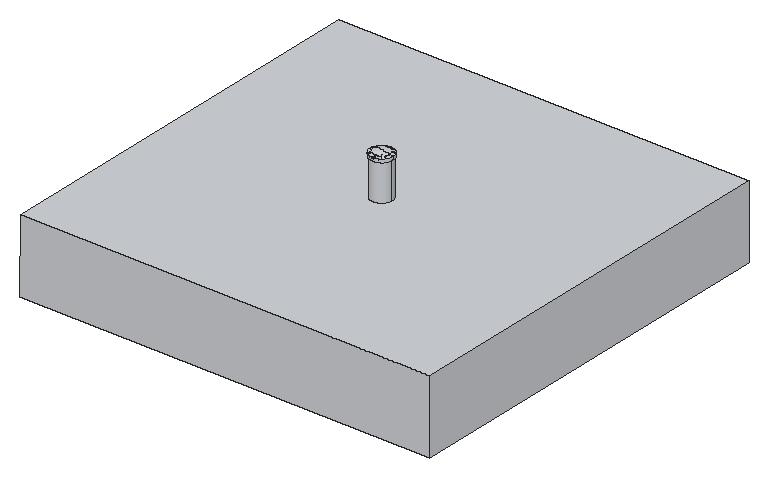
Revit family "Alcon-9150-Q360-Revit-Family", category Luminarias, Revit 2025
Family settings
  Anfitrión = Cara
  Cota de conector redondo = Usar diámetro
  Tipo de pieza = Normal
  Corte con vacíos al cargar = No
  Origen de luz = Sí
  Mantener orientación de anotación = No
  Compartido = No
  Punto de cálculo de habitación = No
Parameters
  Tilt Angle = 60.00°
  built-in parameter 1010506 = 0.5236 (stored number, unit not read)
  built-in parameter 1010507 = 1.5708 (stored number, unit not read)
  Wattage = 9.2903 W
  URL = "https://www.alconlighting.com/9150-q360.html"
  built-in parameter 1150107 = 3200 (stored number, unit not read)
  TOP FINISH = none
  TAP LENS = none
  built-in parameter 1150110 = 1 (stored number, unit not read)
  built-in parameter 1150109 = 1 (stored number, unit not read)
  built-in parameter 1150112 = 1 (stored number, unit not read)
  built-in parameter 1150113 = 1 (stored number, unit not read)
  built-in parameter 1114218 = 1 (stored number, unit not read)
  Product Page = "https://www.alconlighting.com/9150-q360.html"
  Product Data URL = "https://www.alconlighting.com/9150-q360.html"
  built-in parameter 1150137 = (empty or 0)
  built-in parameter 1150132 = (empty or 0)
  Modelo = "Alcon Lighting 9150-Q360"
  Longitud de símbolo de origen de luz = 10' - 0"
  Link to IES File = "https://www.alconlighting.com/9150-q360.html"
  LENS GLASS = Glass
  built-in parameter 1150105 = 4614.1 (stored number, unit not read)
  built-in parameter 1150102 = (empty or 0)
  built-in parameter 1150106 = 46.141 (stored number, unit not read)
  HOUSING = none
  GLASS LENS = Analytical Panels
  Lumens = 1380 lm
  Color Filter = 16777215
  built-in parameter 1114217 = 1 (stored number, unit not read)
  built-in parameter 1150139 = (empty or 0)
  Fabricante = "Alcon Lighting"
  Default Elevation = 4' - 0"
  built-in parameter 1150104 = 13.8 (stored number, unit not read)
  built-in parameter 1150115 = 1 (stored number, unit not read)
  built-in parameter 1150114 = 1 (stored number, unit not read)
  built-in parameter 1150138 = (empty or 0)
  built-in parameter 1150134 = 3
  Dimming Lamp Color Temperature Shift = (empty or 0)
  built-in parameter 1150133 = 10 (stored number, unit not read)
Reference planes (in)
  plane 1 "Center (Front/Back)": y = 0
  plane 2: z = 0
  plane 3 "Center (Left/Right)": x = 0
Forms (in)
  Extrusion 1, solid
    sketch origin (0, 0, 0) x (1, 0, 0) y (0, 1, 0)
      loop
        line (-33, 32.41633) -> (-33, -32.59453) -> (33.96505, -32.59453) -> (33.96505, 32.41633) -> (-33, 32.41633)
    from 0 to -12
  Extrusion 2, solid
    sketch origin (0, 0, 0) x (1, 0, 0) y (0, 1, 0)
      loop
        circle (0, 0) r 1.6875
    from 0 to 6
  Revolve 3, solid
    sketch origin (0, 0, 0) x (1, 0, 0) y (0, 0, 1)
      loop
        arc (0, 6.82421) -> (0.88527, 6.7205) -> (1.73047, 6.4375) r 4.32469
        line (1.73047, 6.4375) -> (1.23706, 6.4375) -> (1.23706, 6) -> (1.85, 6) -> (1.85, 6.4375)
        arc (1.85, 6.4375) -> (0.94905, 6.75794) -> (0, 6.875) r 4.37547
        line (0, 6.875) -> (0, 6.82421)
      axis (0, 6.875) -> (0, 6)
    angle from 0 to 360
  Extrusion 4, void
    sketch origin (0, 0, 6.4375) x (1, 0, 0) y (0, 1, 0)
      loop
        arc (1.85, 0) -> (1.74378, 0.61784) -> (1.43732, 1.16474) r 1.85
        line (1.43732, 1.16474) -> (0.14374, 0) -> (1.43732, -1.16474)
        arc (1.43732, -1.16474) -> (1.74378, -0.61784) -> (1.85, 0) r 1.85
      loop
        arc (1.15368, 1.44621) -> (0, 1.85) -> (-1.15368, 1.44621) r 1.85
        line (-1.15368, 1.44621) -> (0, 0.16492) -> (1.15368, 1.44621)
      loop
        line (1.15368, -1.44621) -> (0, -0.16492) -> (-1.15368, -1.44621)
        arc (-1.15368, -1.44621) -> (0, -1.85) -> (1.15368, -1.44621) r 1.85
      loop
        arc (-1.85, 0) -> (-1.74378, -0.61784) -> (-1.43732, -1.16474) r 1.85
        line (-1.43732, -1.16474) -> (-0.14374, 0) -> (-1.43732, 1.16474)
        arc (-1.43732, 1.16474) -> (-1.74378, 0.61784) -> (-1.85, 0) r 1.85
    from 0 to 0.23802
  Extrusion 5, solid
    sketch origin (0, 0, 0) x (1, 0, 0) y (0, 1, 0)
      loop
        circle (0, -1.71313) r 0.1231
      loop
        circle (0, -1.71313) r 0.0621
      loop
        circle (0, 1.71313) r 0.1231
      loop
        circle (0, 1.71313) r 0.0621
      loop
        circle (1.71313, 0) r 0.1231
      loop
        circle (1.71313, 0) r 0.0621
      loop
        circle (-1.71313, 0) r 0.1231
      loop
        circle (-1.71313, 0) r 0.0621
    from 6.46603 to 6.4375
Cuts and joins
  Extrusion 4 cuts Extrusion 2
  Extrusion 4 cuts Revolve 3
Dimensions and locks (in)
  aligned and locked: plane 2 to Extrusion 1
  aligned and locked: level to Extrusion 1
